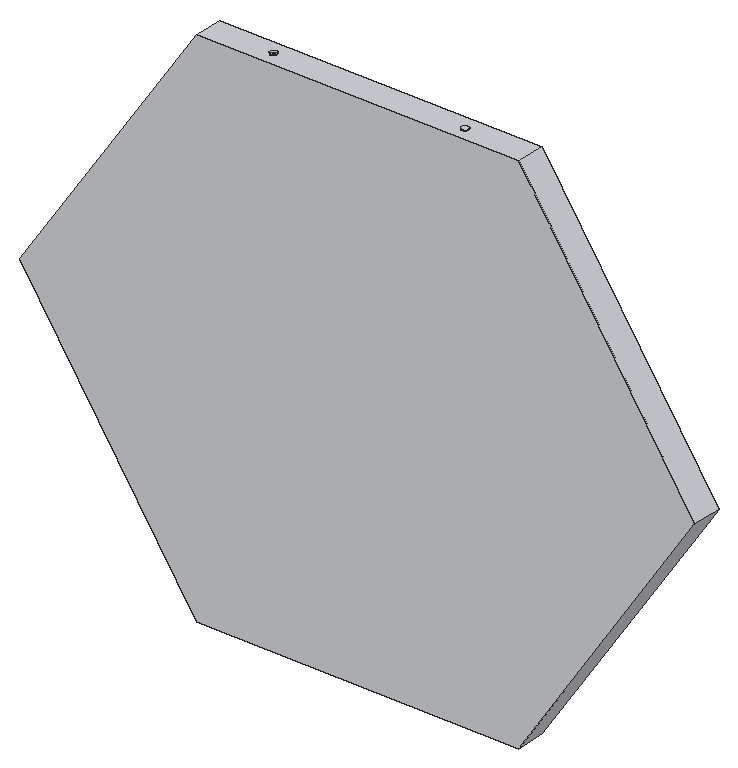
Revit family
Parameters
  spessore pannello = 40 mm
  largh = 360 mm
  C_profondità buchi = largh - 20 mm  # 340 mm
Reference planes
  plane 1 "Centro (Fronte/Retro)": y = 0
  plane 2: z = 0
  plane 3 "Centro (Sinistra/Destra)": x = 0
  plane 4: x = -231.131
  plane 5: x = 230.84
  plane 6: x = -461.798
  plane 7: x = 461.846
  plane 8: x = 0
  plane 9: x = -131.131
  plane 10: x = 131.131
  plane 11: z = 360
  plane 12: z = -360
  plane 13: z = -340
  plane 14: z = 340
Forms (mm)
  Extrusion 1, solid
    sketch origin (0, -20, 0.001) x (1, 0, 0) y (0, 0, -1)
      loop
        line (-220.268, -359.999) -> (219.962, -359.999) -> (461.846, 0) -> (219.96, 360.001) -> (-220.266, 360.001) -> (-461.798, 0) -> (-220.268, -359.999)
    from 0 to 40
  Extrusion 2, solid
    sketch origin (0, -20, -35.199) x (1, 0, 0) y (0, 1, 0)
      loop
        circle (-131.131, 20) r 5
      loop
        circle (131.131, 20) r 5
    from -324.801 to -304.801
  Extrusion 3, solid
    sketch origin (0, -20, 0.001) x (1, 0, 0) y (0, 1, 0)
      loop
        circle (131.131, 20) r 5
      loop
        circle (-131.131, 20) r 5
    from 339.999 to 359.999
Dimensions and locks
  plane 4 to plane 5 = 461.971 mm
  plane 6 to plane 7 = 923.644 mm
  equal spacing: plane 9, plane 3 "Centro (Sinistra/Destra)", plane 10
  equal spacing: plane 11, level, plane 12
  "largh": level to plane 12
  Extrusion 1 to Extrusion 2 = 20 mm
  "C_profondità buchi": level to plane 13
  "C_profondità buchi": plane 14 to level
  aligned and locked: plane 11 to Extrusion 1
  aligned and locked: Extrusion 1 to plane 12
  aligned and locked: plane 11 to Extrusion 3
  aligned and locked: Extrusion 2 to plane 12
  aligned and locked: plane 13 to Extrusion 2
  aligned and locked: Extrusion 3 to plane 14
Automatic sketch dimensions
  plane 6 to Extrusion 1 sketch curve = 0 mm
  Extrusion 1 sketch curve to plane 4 = 10.863 mm
  Extrusion 1 sketch curve to plane 4 = 10.864 mm
  plane 5 to Extrusion 1 sketch curve = 10.88 mm
  plane 5 to Extrusion 1 sketch curve = 10.879 mm
  plane 7 to Extrusion 1 sketch curve = 0 mm
  plane 9 to Extrusion 2 sketch curve = 0 mm
  Extrusion 2 sketch curve to plane 10 = 0 mm
  plane 9 to Extrusion 3 sketch curve = 0 mm
  Extrusion 3 sketch curve to plane 10 = 0 mm
  Extrusion 1 sketch curve to level = 360 mm
  Extrusion 2 sketch curve to plane 1 "Centro (Fronte/Retro)" = 0 mm  (x2)
  Extrusion 3 sketch curve to plane 1 "Centro (Fronte/Retro)" = 0 mm  (x2)
  level to Extrusion 1 sketch curve = 0.001 mm  (x2)
  level to Extrusion 1 sketch curve = 360 mm
  radius of Extrusion 2 sketch curve = 5 mm  (x2)
  radius of Extrusion 3 sketch curve = 5 mm  (x2)
